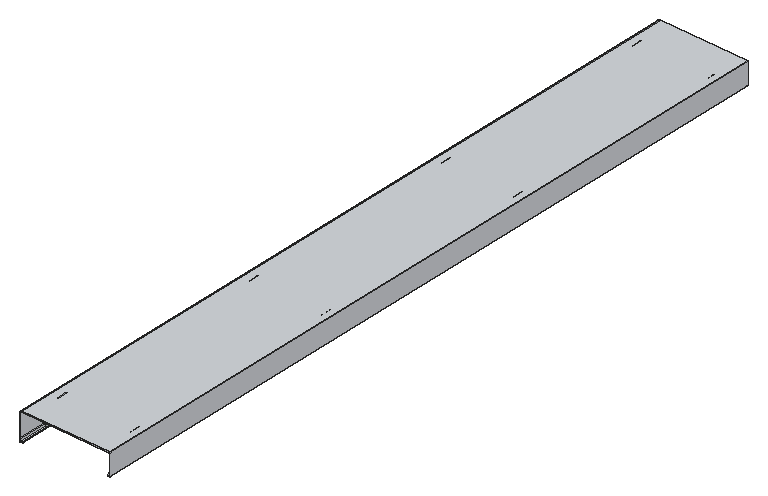
Revit family "AT225", category 一般モデル, Revit 2020
Family settings
  鉄筋をホスト可能 = いいえ
  丸型コネクタ寸法 = 直径を使用
  パーツ タイプ = 標準
  作業面ベース = いいえ
  常に垂直 = はい
  ロード時にボイドで切り取り = いいえ
  共有 = いいえ
  部屋計算ポイント = いいえ
Parameters
  笠木長さ [instance] = 2000 mm
  既定の高さ = 0 mm
  定尺笠木長さ = 4000 mm
  固定金具数 [instance] = 4
  判定 [instance] = if(笠木長さ > 4000 mm, 定尺笠木長さ, 笠木長さ)  # 2000 mm
Reference planes
  plane 1 "中心(正面/背面)": y = 0
  plane 2: z = 0
  plane 3 "中心(左/右)": x = 0
  plane 4: x = 112.5
  plane 5: x = -112.5
  plane 6: z = -43
  plane 7: y = -2000
  plane 8: y = -100
  plane 9: y = -1900
Forms (mm)
  Extrusion 1, solid
    sketch origin (-229.287, 0, -139.362) x (1, 0, 0) y (0, 0, 1)
      loop
        arc (336.287, 98.962) -> (335.934, 98.816) -> (335.787, 98.462) r 0.5
        line (335.787, 98.462) -> (335.787, 96.862)
        arc (335.787, 96.862) -> (335.934, 96.509) -> (336.287, 96.362) r 0.5
        line (336.287, 96.362) -> (341.287, 96.362)
        arc (341.287, 96.362) -> (341.641, 96.509) -> (341.787, 96.862) r 0.5
        line (341.787, 96.862) -> (341.787, 149.491)
        arc (341.787, 149.491) -> (341.248, 150.857) -> (339.92, 151.487) r 2
        line (339.92, 151.487) -> (118.92, 166.22)
        arc (118.92, 166.22) -> (117.421, 165.685) -> (116.787, 164.225) r 2
        line (116.787, 164.225) -> (116.787, 96.862)
        arc (116.787, 96.862) -> (116.934, 96.509) -> (117.287, 96.362) r 0.5
        line (117.287, 96.362) -> (122.287, 96.362)
        arc (122.287, 96.362) -> (122.641, 96.509) -> (122.787, 96.862) r 0.5
        line (122.787, 96.862) -> (122.787, 98.462)
        arc (122.787, 98.462) -> (122.641, 98.816) -> (122.287, 98.962) r 0.5
        line (122.287, 98.962) -> (118.787, 98.962) -> (118.787, 103.962) -> (118.388, 108.95) -> (118.388, 162.514)
        arc (118.388, 162.514) -> (119.022, 163.975) -> (120.521, 164.51) r 2
        line (120.521, 164.51) -> (338.32, 149.99)
        arc (338.32, 149.99) -> (339.648, 149.361) -> (340.187, 147.994) r 2
        line (340.187, 147.994) -> (340.187, 108.974) -> (339.787, 103.963) -> (339.787, 98.962) -> (336.287, 98.962)
    from 0 to 2000
  Extrusion 2, solid, not visible
    sketch origin (0, 0, 0) x (1, 0, 0) y (0, 0, 1)
      loop
        arc (336.287, 98.962) -> (335.934, 98.816) -> (335.787, 98.462) r 0.5
        line (335.787, 98.462) -> (335.787, 96.862)
        arc (335.787, 96.862) -> (335.934, 96.509) -> (336.287, 96.362) r 0.5
        line (336.287, 96.362) -> (341.287, 96.362)
        arc (341.287, 96.362) -> (341.641, 96.509) -> (341.787, 96.862) r 0.5
        line (341.787, 96.862) -> (341.787, 149.491)
        arc (341.787, 149.491) -> (341.248, 150.857) -> (339.92, 151.487) r 2
        line (339.92, 151.487) -> (118.92, 166.22)
        arc (118.92, 166.22) -> (117.421, 165.685) -> (116.787, 164.225) r 2
        line (116.787, 164.225) -> (116.787, 96.862)
        arc (116.787, 96.862) -> (116.934, 96.509) -> (117.287, 96.362) r 0.5
        line (117.287, 96.362) -> (122.287, 96.362)
        arc (122.287, 96.362) -> (122.641, 96.509) -> (122.787, 96.862) r 0.5
        line (122.787, 96.862) -> (122.787, 98.462)
        arc (122.787, 98.462) -> (122.641, 98.816) -> (122.287, 98.962) r 0.5
        line (122.287, 98.962) -> (118.787, 98.962) -> (118.787, 103.962) -> (118.388, 108.95) -> (118.388, 162.514)
        arc (118.388, 162.514) -> (119.022, 163.975) -> (120.521, 164.51) r 2
        line (120.521, 164.51) -> (338.32, 149.99)
        arc (338.32, 149.99) -> (339.648, 149.361) -> (340.187, 147.994) r 2
        line (340.187, 147.994) -> (340.187, 108.974) -> (339.787, 103.963) -> (339.787, 98.962) -> (336.287, 98.962)
    from 0 to 250
Dimensions and locks
  plane 4 to plane 3 "中心(左/右)" = 112.5 mm
  locked: plane 5 to plane 3 "中心(左/右)" at 112.5
  locked: plane 6 to plane 2 at 43
  plane 5 to plane 4 = 225 mm
  "笠木長さ": plane 7 to plane 1 "中心(正面/背面)"
  locked: plane 9 to plane 7 at 100
  locked: plane 8 to plane 1 "中心(正面/背面)" at 100
  locked: plane 8 to nested 1 at 25
  equal spacing: group 2, group 4, group 5, group 3  (x2)
  equal spacing: group 3, group 5, group 4, group 2
  locked: plane 9 to nested 2 at 25
  "判定": Extrusion 1 to plane 1 "中心(正面/背面)"
  aligned and locked: level to plane 2
  aligned and locked: plane 5 to Extrusion 1
  aligned and locked: plane 6 to Extrusion 1
  aligned and locked: Extrusion 1 to plane 7
Automatic sketch dimensions
  plane 5 to Extrusion 1 sketch curve = 0 mm
  Extrusion 1 sketch curve to plane 6 = 0 mm  (x2)
  plane 4 to Extrusion 1 sketch curve = 0 mm
  Extrusion 1 sketch curve to plane 5 = 0.5 mm
  Extrusion 1 sketch curve to plane 5 = 1.601 mm
  Extrusion 1 sketch curve to plane 5 = 2 mm
  Extrusion 1 sketch curve to Extrusion 1 sketch curve = 0.399 mm
  Extrusion 1 sketch curve to Extrusion 1 sketch curve = 0.133 mm  (x2)
  Extrusion 1 sketch curve to Extrusion 1 sketch curve = 2 mm
  Extrusion 1 sketch curve to Extrusion 1 sketch curve = 1.734 mm
  Extrusion 1 sketch curve to Extrusion 1 sketch curve = 3.5 mm
  Extrusion 1 sketch curve to plane 6 = 0.5 mm  (x2)
  Extrusion 1 sketch curve to Extrusion 1 sketch curve = 0 mm
  plane 4 to Extrusion 1 sketch curve = 6 mm
  Extrusion 1 sketch curve to Extrusion 1 sketch curve = 0.5 mm
  plane 4 to Extrusion 1 sketch curve = 3.6 mm
  Extrusion 1 sketch curve to Extrusion 1 sketch curve = 1.467 mm
  plane 4 to Extrusion 1 sketch curve = 2 mm
  plane 4 to Extrusion 1 sketch curve = 1.867 mm
  plane 4 to Extrusion 1 sketch curve = 1.6 mm
  plane 4 to Extrusion 1 sketch curve = 0.5 mm
  Extrusion 1 sketch curve to Extrusion 1 sketch curve = 1.6 mm  (x2)
  Extrusion 1 sketch curve to Extrusion 1 sketch curve = 4.999 mm
  Extrusion 1 sketch curve to Extrusion 1 sketch curve = 5.001 mm
  Extrusion 1 sketch curve to Extrusion 1 sketch curve = 4.989 mm
  Extrusion 1 sketch curve to Extrusion 1 sketch curve = 5.011 mm
  level to Extrusion 1 sketch curve = 8.632 mm
  Extrusion 1 sketch curve to Extrusion 1 sketch curve = 1.497 mm
  level to Extrusion 1 sketch curve = 23.152 mm
  Extrusion 1 sketch curve to Extrusion 1 sketch curve = 1.71 mm
Nested families
  nested 1: "ATAF225" at (0, -75, 0), type "ATAF225"
  nested 2: "ATAF225" at (0, -1875, 0), type "ATAF225"
  nested 3: "ATAF225" at (0, -675, 0), type "ATAF225"
  nested 4: "ATAF225" at (0, -1275, 0), type "ATAF225"
Definition of nested family "ATAF225"
  Parameters
    Default Elevation = 0 mm
  Reference planes
    plane 1 "中心(正面/背面)": y = 0
    plane 2: z = 0
    plane 3 "中心(左/右)": x = 0
  Forms (mm)
    Extrusion 1, solid
      sketch origin (-229.287, 0, -139.362) x (1, 0, 0) y (0, 0, 1)
        loop
          line (339.787, 98.962) -> (339.787, 108.094) -> (332.187, 148.592) -> (310.187, 150.058) -> (310.187, 145.942)
          arc (310.187, 145.942) -> (309.573, 144.5) -> (308.107, 143.944) r 2
          line (308.107, 143.944) -> (290.181, 144.662) -> (273.541, 144.662) -> (250.118, 144.622) -> (246.296, 142.462) -> (238.587, 142.462) -> (238.587, 144.662) -> (236.487, 144.662) -> (236.487, 142.462) -> (230.187, 142.462) -> (230.187, 153.088) -> (238.287, 152.548) -> (238.287, 154.352) -> (229.307, 154.951) -> (220.287, 155.552) -> (220.287, 153.748) -> (228.387, 153.208) -> (228.387, 142.462) -> (222.087, 142.462) -> (222.087, 144.662) -> (219.987, 144.662) -> (219.987, 142.462) -> (212.128, 142.503) -> (208.307, 144.662) -> (181.3, 144.662) -> (168.379, 144.662) -> (155.494, 143.975)
          arc (155.494, 143.975) -> (154.011, 144.521) -> (153.387, 145.972) r 2
          line (153.387, 145.972) -> (153.378, 160.015) -> (128.387, 162.182) -> (118.787, 106.29) -> (118.787, 98.962) -> (120.194, 98.962) -> (130.853, 154.057)
          arc (130.853, 154.057) -> (132.37, 156.489) -> (135.126, 157.282) r 4
          line (135.126, 157.282) -> (146.819, 156.268)
          arc (146.819, 156.268) -> (148.435, 155.462) -> (149.087, 153.779) r 2.5
          line (149.087, 153.779) -> (149.087, 139.362) -> (314.387, 139.362) -> (314.387, 142.897)
          arc (314.387, 142.897) -> (315.179, 144.722) -> (317.053, 145.391) r 2.5
          line (317.053, 145.391) -> (326.076, 144.79)
          arc (326.076, 144.79) -> (328.421, 143.829) -> (329.718, 141.652) r 4
          line (329.718, 141.652) -> (338.187, 101.881) -> (338.187, 98.962) -> (339.787, 98.962)
      from 0 to 50
  Dimensions and locks
    Extrusion 1 to plane 3 "中心(左/右)" = 110.5 mm
    Extrusion 1 to level = 0 mm
    aligned and locked: level to plane 2
